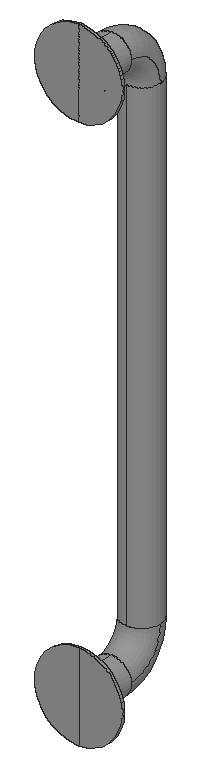
Revit family "Barra Recta 1758 00", category Plumbing Fixtures, Revit 2015
Parameters (values of type "Barra Recta 1758 00")
  Width = 72.841 mm
  URL = "www.mk.cl"
  Type Comments = "Barra Recta"
  Supplier = "Mk"  # constant formula
  Model = "Barra Recta 1758 00"
  Manufacturer = "Genebre"  # constant formula
  Keynote = "22 42 26"
  ID_Source = "BIMTOOL"
  ID_Objeto = "BT_F_F_1807"
  Height = 490 mm
  Description = "Barra Fija de Sujecion"
  Depth = 75 mm
  Default Elevation = 1219.2 mm
  Copyright © = "Bimtool 2018 ®Todos los derechos reservados."  # constant formula
  BT_Uso = "Barra Sujecion"
  BT_SKU = "00 00 00"
  BT_Material = Acero Inoxidable
  BT_Itemizado_Estandar_CDT = "E 04 02 00"
  BT_Color = "Cromo"
  Assembly Code = "D2010.60"
Reference planes
  plane 1 "Center (Front/Back)": y = 0
  plane 2: z = 0
  plane 3 "Center (Left/Right)": x = 0
  plane 4: y = 37.5
  plane 5: y = -37.5
  plane 6: z = 490
  plane 7: x = -36.42
  plane 8: x = 36.42
Forms (mm)
  Revolve 1, solid, material "Acero Inoxidable"
    sketch origin (0, 0, 0) x (0, 1, 0) y (0, 0, 1)
      loop
        line (-33.594, 17.064) -> (-33.594, 34.375)
        arc (-33.594, 34.375) -> (-34.339, 36.842) -> (-36.324, 38.484) r 4.457
        line (-36.324, 38.484) -> (-36.324, 53.484) -> (-38.232, 53.484) -> (-38.232, 17.064) -> (-33.594, 17.064)
      axis (-33.594, 17.064) -> (-38.232, 17.064)
    angle from 0 to 360
  Revolve 2, solid, material "Acero Inoxidable"
    sketch origin (0, 0, 0) x (0, 1, 0) y (0, 0, 1)
      loop
        line (-3.663, 17.011) -> (-3.663, 32.745) -> (-33.663, 32.745) -> (-33.663, 17.011) -> (-3.663, 17.011)
      axis (-33.663, 17.011) -> (-3.663, 17.011)
    angle from 0 to 360
  Sweep 3, solid, material "Acero Inoxidable"
    path origin (0, 0, 7.93) x (0, 1, 0) y (0, 0, 1)
      loop
        arc (-3.663, 17.011) -> (12.568, 23.734) -> (19.292, 39.966) r 22.955
    profile origin (0, 12.568, 31.665) x (0, -0.707107, 0.707107) y (1, 0, 0)
      loop
        circle (-7.896, 0) r 15.7
  Revolve 4, solid, material "Acero Inoxidable"
    sketch origin (0, 0, 0) x (0, 1, 0) y (0, 0, 1)
      loop
        line (27.187, 450.272) -> (27.187, 47.896) -> (42.887, 47.896) -> (42.887, 450.272) -> (27.187, 450.272)
      axis (27.187, 47.896) -> (27.187, 450.272)
    angle from 0 to 360
  Revolve 5, solid, material "Acero Inoxidable"
    sketch origin (0, 0, 497.896) x (0, 1, 0) y (0, 0, -1)
      loop
        line (-33.594, 17.064) -> (-33.594, 34.375)
        arc (-33.594, 34.375) -> (-34.339, 36.842) -> (-36.324, 38.484) r 4.457
        line (-36.324, 38.484) -> (-36.324, 53.484) -> (-38.232, 53.484) -> (-38.232, 17.064) -> (-33.594, 17.064)
      axis (-33.594, 17.064) -> (-38.232, 17.064)
    angle from 0 to 360
  Revolve 6, solid, material "Acero Inoxidable"
    sketch origin (0, 0, 497.896) x (0, 1, 0) y (0, 0, -1)
      loop
        line (-3.663, 17.011) -> (-3.663, 32.745) -> (-33.663, 32.745) -> (-33.663, 17.011) -> (-3.663, 17.011)
      axis (-33.663, 17.011) -> (-3.663, 17.011)
    angle from 0 to 360
  Sweep 7, solid, material "Acero Inoxidable"
    path origin (0, 0, 489.966) x (0, 1, 0) y (0, 0, -1)
      loop
        arc (-3.663, 17.011) -> (12.568, 23.734) -> (19.292, 39.966) r 22.955
    profile origin (0, 12.568, 466.232) x (0, 0.707107, 0.707107) y (1, 0, 0)
      loop
        circle (7.896, 0) r 15.7
Dimensions and locks
  "Height": level to plane 6
  "Width": plane 8 to plane 7
  "Depth": plane 5 to plane 4
  aligned and locked: level to plane 2
Automatic sketch dimensions
  Revolve 1 sketch curve to plane 5 = 0.732 mm
  Revolve 1 sketch curve to plane 5 = 0.551 mm
  plane 5 to Revolve 1 sketch curve = 1.176 mm
  plane 5 to Revolve 1 sketch curve = 3.906 mm
  level to Revolve 1 sketch curve = 17.064 mm
  Revolve 1 sketch curve to Revolve 1 sketch curve = 17.311 mm
  Revolve 1 sketch curve to Revolve 1 sketch curve = 15 mm
  Revolve 1 sketch curve to Revolve 1 sketch curve = 0 mm  (x3)
  plane 5 to Revolve 2 sketch curve = 3.837 mm
  plane 1 "Center (Front/Back)" to Revolve 2 sketch curve = 3.663 mm
  level to Revolve 2 sketch curve = 17.011 mm
  Revolve 2 sketch curve to Revolve 2 sketch curve = 15.734 mm
  Revolve 2 sketch curve to Revolve 2 sketch curve = 0 mm  (x3)
  plane 1 "Center (Front/Back)" to Sweep 3 sketch curve = 3.663 mm
  level to Sweep 3 sketch curve = 47.896 mm
  plane 4 to Sweep 3 sketch curve = 18.208 mm
  Sweep 3 sketch curve to plane 3 "Center (Left/Right)" = 0 mm
  profile plane to Sweep 3 sketch curve = 7.896 mm
  plane 4 to Revolve 4 sketch curve = 10.313 mm  (x2)
  Revolve 4 sketch curve to plane 4 = 5.387 mm
  level to Revolve 4 sketch curve = 47.896 mm
  Revolve 4 sketch curve to plane 6 = 39.728 mm
  Revolve 4 sketch curve to Revolve 4 sketch curve = 0 mm
  Revolve 4 sketch curve to Revolve 4 sketch curve = 201.052 mm
  plane 5 to Revolve 5 sketch curve = 0.732 mm
  plane 5 to Revolve 5 sketch curve = 0.551 mm
  Revolve 5 sketch curve to plane 5 = 1.176 mm
  Revolve 5 sketch curve to plane 5 = 3.906 mm
  plane 6 to Revolve 5 sketch curve = 9.168 mm
  Revolve 5 sketch curve to Revolve 5 sketch curve = 17.311 mm
  Revolve 5 sketch curve to Revolve 5 sketch curve = 15 mm
  Revolve 5 sketch curve to Revolve 5 sketch curve = 0 mm  (x3)
  Revolve 6 sketch curve to plane 5 = 3.837 mm
  Revolve 6 sketch curve to plane 1 "Center (Front/Back)" = 3.663 mm
  plane 6 to Revolve 6 sketch curve = 9.115 mm
  Revolve 6 sketch curve to Revolve 6 sketch curve = 15.734 mm
  Revolve 6 sketch curve to Revolve 6 sketch curve = 0 mm  (x3)
  Sweep 7 sketch curve to plane 1 "Center (Front/Back)" = 3.663 mm
  plane 6 to Sweep 7 sketch curve = 40 mm
  Sweep 7 sketch curve to plane 4 = 18.208 mm
  Sweep 7 sketch curve to plane 3 "Center (Left/Right)" = 0 mm
  Sweep 7 sketch curve to profile plane = 7.896 mm
  radius of Sweep 3 sketch curve = 15.7 mm
  radius of Sweep 7 sketch curve = 15.7 mm
